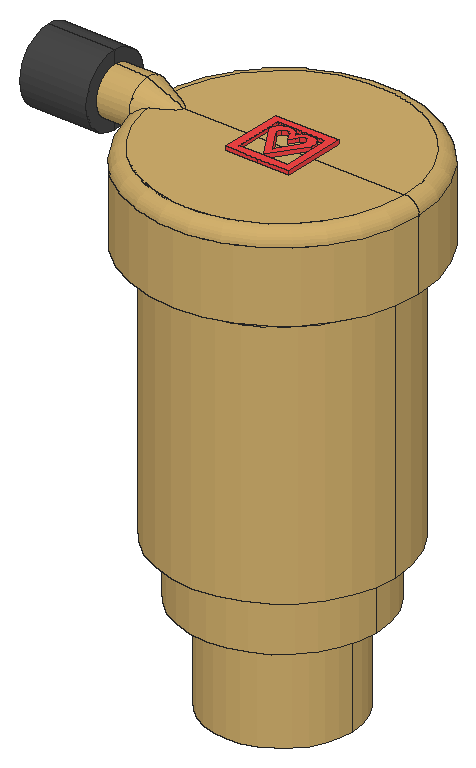
Revit family "Automatic air vents 2630 03", category Rohrzubehör, Revit 2021
Family settings
  Bemaßung runder Anschluss = Durchmesser verwenden
  Teiletyp = Normal
  OmniClass-Nummer = 23.65.55.14
  OmniClass-Titel = Valves for Liquid Services
  Arbeitsebenenbasiert = Nein
  Immer vertikal = Ja
  Beim Laden mit Abzugskörper schneiden = Nein
  Gemeinsam genutzt = Nein
Parameters
  Vorgabe-Ansicht = 0.000 mm
  URL = "www.herzvalves.com"
  Part number [instance] = if(Nennweite AG = 20.000 mm, 1263003, 0)  # 1263003
  Float ball = "polypropylene"  # constant formula
  SCRNSEQ = "AWI;AWI_TYP=\"1013\";1"
  SCRNCODE = "05;14;01"  # constant formula
  S04 = 11.000 mm  # constant formula
  S03 = 24.500 mm  # constant formula
  S02 = 12.500 mm  # constant formula
  S01 = 59.000 mm  # constant formula
  R01 = 2.000 mm  # constant formula
  Nennweite AG [instance] = 20.000 mm  # constant formula
  min. Operating temperature = 0 °C  # constant formula
  Medium = "heating water quality according to ÖNORM H5195 or VDI-Standard 2035.\r\nthe use of ethylene or propylene glycol in a mixing ratio 25-50% is allowed.\r\nplease refer to manufacturers documentation when using ethylene glycol products for frost and corrosion protection.\r\nthe HERZ air vent is not suitable for usage of aggressive medium (such as: acids, alkalis, combustible and explosive gases..) because it can damage the sealing components."
  max. Structual pressure = 1200000.0 Pa  # constant formula
  max. Operating temperature = 110 °C  # constant formula
  max. Operating pressure = 800000.0 Pa  # constant formula
  L04 = L00 - L01  # 24.000 mm
  L03 = 13.500 mm  # constant formula
  L02 = 4.800 mm  # constant formula
  L01 = 9.500 mm  # constant formula
  L00 = 33.500 mm  # constant formula
  Hersteller = "Herz-Armaturen GmbH"  # constant formula
  H08 = 8.000 mm  # constant formula
  H07 = 22.000 mm  # constant formula
  H06 = 14.000 mm  # constant formula
  H05 = 59.000 mm - 1.000 mm  # 58.000 mm
  H04 = H03 - D03  # 57.900 mm
  H03 = 63.000 mm  # constant formula
  H02 = 9.500 mm  # constant formula
  H01 = 12.000 mm  # constant formula
  H00 = 71.500 mm  # constant formula
  Housing = "forged brass acc. to EN 12165, CW617N "  # constant formula
  G2 [instance] = Nennweite AG / 2  # 10.000 mm
  G1 = 5.000 mm  # constant formula
  Sealing = "NBR"  # constant formula
  Lid = "forged brass acc. to EN 12165, CW617N "  # constant formula
  D06 = 13.500 mm  # constant formula
  D05 = 0.800 mm  # constant formula
  D04 = 3.400 mm  # constant formula
  D03 = 5.100 mm  # constant formula
  D02 = 19.500 mm  # constant formula
  D01 = 16.200 mm  # constant formula
  External threaded connectors = "acc. to ISO 228"  # constant formula
  Field of application = "HERZ - Air vent is used for venting of the central heating installations.\r\nthe air vent should be placed nearby the boiler or at the highest points of installation.\r\ninstallations must be carried out in such a way that the retention of air bubbles in a certain part of installation is not possible.\r\nbefore usage, unscrew the polypropylene cover cap on the lid for 2 to 3 turns.\r\nin case of uncontrolled medium leakage, tighten the cover cap.\r\nthe air vent must be cleaned or replaced.\r\nwe always recommend to use backflow preventer for easy service and replacement of the air vent."
  Adapter housing = "machined brass acc. to EN 12165, CW617N "  # constant formula
  Cover cap = "polypropylene, black colour"  # constant formula
Reference planes
  plane 1 "Mitte (Vorne/hinten)": y = 0
  plane 2: z = 0
  plane 3 "Mitte (Links/rechts)": x = 0
Forms (mm)
  Revolve 1, solid, material "Messing", detail levels fine
    sketch origin (0, 0, 0) x (1, 0, 0) y (0, 0, 1)
      loop
        line (0, -12.5) -> (0, 59) -> (-17.5, 59)
        arc (-17.5, 59) -> (-18.914, 58.414) -> (-19.5, 57) r 2
        line (-19.5, 57) -> (-19.5, 47) -> (-18.2, 47)
        arc (-18.2, 47) -> (-16.786, 46.414) -> (-16.2, 45) r 2
        line (-16.2, 45) -> (-16.2, 9.5) -> (-13.5, 9.5) -> (-13.5, 1.5) -> (-10, 1.5) -> (-10, -12.5) -> (0, -12.5)
      axis (0, 59) -> (0, -12.5)
    angle from 0 to 360
  Revolve 2, solid, material "Kunststoff - schwarz", detail levels fine
    sketch origin (0, 0, 0) x (1, 0, 0) y (0, 0, 1)
      loop
        line (-33.5, 57.9) -> (-24, 57.9) -> (-24, 63) -> (-33.5, 63) -> (-33.5, 57.9)
      axis (-33.5, 57.9) -> (-24, 57.9)
    angle from 0 to 360
  Revolve 3, solid, material "Messing", detail levels fine
    sketch origin (0, 0, 0) x (1, 0, 0) y (0, 0, 1)
      loop
        line (-24, 57.9) -> (0, 57.9) -> (0, 58.7) -> (-13.5, 58.7) -> (-19.2, 61.3) -> (-24, 61.3) -> (-24, 57.9)
      axis (-24, 57.9) -> (0, 57.9)
    angle from 0 to 360
Lines and regions (mm)
  model lines
    curve 1: line (0, 19.55, 0) -> (0, 0, 0)
  model lines, detail levels coarse+medium
    curve 2: line (0, 59, 0) -> (-11.455, 47.545, 0)
    curve 3: line (0, 59, 0) -> (11.455, 47.545, 0)
    curve 4: circle (0, 34.5, 0) r 11 normal (0, 0, 1)
    curve 5: line (0, 10, 0) -> (-11.455, 21.455, 0)
    curve 6: line (0, 10, 0) -> (11.455, 21.455, 0)
    curve 7: line (0, 59, 0) -> (0, 45.5, 0)
    curve 8: line (0, 23.5, 0) -> (0, -12.5, 0)
    curve 9: line (0, 0, 59) -> (-11.455, 0, 47.545)
    curve 10: line (0, 0, 59) -> (11.455, 0, 47.545)
    curve 11: circle (0, 0, 34.5) r 11 normal (0, -1, 0)
    curve 12: line (0, 0, 10) -> (-11.455, 0, 21.455)
    curve 13: line (0, 0, 10) -> (11.455, 0, 21.455)
    curve 14: line (0, 0, 59) -> (0, 0, 45.5)
    curve 15: line (0, 0, 23.5) -> (0, 0, -12.5)
    curve 16: line (0, 0, 59) -> (0, -11.455, 47.545)
    curve 17: line (0, 0, 59) -> (0, 11.455, 47.545)
    curve 18: circle (0, 0, 34.5) r 11 normal (1, 0, 0)
    curve 19: line (0, 0, 10) -> (0, -11.455, 21.455)
    curve 20: line (0, 0, 10) -> (0, 11.455, 21.455)
Dimensions and locks
  "D01": Revolve 1 sketch curve to Revolve 1 sketch curve
  "D02": Revolve 1 sketch curve to Revolve 1 sketch curve
  "H01": Revolve 1 sketch curve to Revolve 1 sketch curve
  "D03": Revolve 2 sketch curve to Revolve 2 sketch curve
  "L01": Revolve 2 sketch curve to Revolve 2 sketch curve
  "L00": Revolve 2 sketch curve to plane 3 "Mitte (Links/rechts)"
  "D04": Revolve 3 sketch curve to Revolve 3 sketch curve
  "L02": Revolve 3 sketch curve to Revolve 3 sketch curve
  "L03": Revolve 3 sketch curve to plane 3 "Mitte (Links/rechts)"
  "L04": Revolve 3 sketch curve to plane 3 "Mitte (Links/rechts)"
  "D05": Revolve 3 sketch curve to Revolve 3 sketch curve
  "H03": Revolve 2 sketch curve to plane 2
  "H04": Revolve 3 sketch curve to plane 2
  "H06": Revolve 1 sketch curve to Revolve 1 sketch curve
  "G2": Revolve 1 sketch curve to Revolve 1 sketch curve
  "H08": Revolve 1 sketch curve to Revolve 1 sketch curve
  "H00": Revolve 1 sketch curve to Revolve 1 sketch curve
  "S01": plane 1 "Mitte (Vorne/hinten)" to curve 7
  "S02": curve 8 to plane 1 "Mitte (Vorne/hinten)"
  "S03": curve 7 to curve 4 to curve 6
  "D01": curve 2 to curve 2
  "D01": curve 3 to curve 3
  "D01": curve 5 to curve 5
  "D01": curve 6 to curve 6
  "S01": curve 14 to plane 2
  "S02": plane 2 to curve 15
  "S03": curve 14 to curve 11 to curve 13
  "D01": curve 9 to curve 9
  "D01": curve 10 to curve 10
  "D01": curve 12 to curve 12
  "D01": curve 13 to curve 13
  "S01": curve 17 to plane 2
  "S03": curve 17 to curve 18 to curve 20
  "D01": curve 16 to curve 16
  "D01": curve 17 to curve 17
  "D01": curve 19 to curve 19
  "D01": curve 20 to curve 20
  "R01": radius of Revolve 1 sketch curve  (x2)
  "S04": radius of curve 4
  "S04": radius of curve 11
  "S04": radius of curve 18
  angle curve 2 to curve 7 = 45.00°
  angle curve 7 to curve 3 = 45.00°
  angle curve 8 to curve 5 = 45.00°
  angle curve 6 to curve 8 = 45.00°
  angle curve 9 to curve 14 = 45.00°
  angle curve 14 to curve 10 = 45.00°
  angle curve 15 to curve 12 = 45.00°
  angle curve 13 to curve 15 = 45.00°
  angle curve 16 to plane 1 "Mitte (Vorne/hinten)" = 45.00°
  angle plane 1 "Mitte (Vorne/hinten)" to curve 17 = 45.00°
  angle plane 1 "Mitte (Vorne/hinten)" to curve 19 = 45.00°
  angle curve 20 to plane 1 "Mitte (Vorne/hinten)" = 45.00°
  aligned and locked: level to plane 2
Automatic sketch dimensions
  curve 20 to plane 1 "Mitte (Vorne/hinten)" = 0.000 mm
  curve 18 to plane 1 "Mitte (Vorne/hinten)" = 0.000 mm
  curve 17 to plane 1 "Mitte (Vorne/hinten)" = 0.000 mm
  curve 10 to plane 3 "Mitte (Links/rechts)" = 0.000 mm
  curve 15 to plane 3 "Mitte (Links/rechts)" = 0.000 mm
  curve 11 to plane 3 "Mitte (Links/rechts)" = 0.000 mm
  curve 12 to plane 3 "Mitte (Links/rechts)" = 0.000 mm
  curve 2 to plane 3 "Mitte (Links/rechts)" = 0.000 mm
  plane 1 "Mitte (Vorne/hinten)" to curve 1 = 0.000 mm
  curve 1 to plane 3 "Mitte (Links/rechts)" = 0.000 mm
  curve 8 to plane 3 "Mitte (Links/rechts)" = 0.000 mm
  curve 4 to plane 3 "Mitte (Links/rechts)" = 0.000 mm
  curve 5 to plane 3 "Mitte (Links/rechts)" = 0.000 mm
  curve 1 to curve 8 = 3.950 mm
  Revolve 1 sketch curve to plane 3 "Mitte (Links/rechts)" = 0.000 mm  (x2)
  level to Revolve 1 sketch curve = 1.500 mm
  Revolve 1 sketch curve to Revolve 1 sketch curve = 3.500 mm
  Revolve 1 sketch curve to Revolve 1 sketch curve = 1987.500 mm
  Revolve 1 sketch curve to Revolve 1 sketch curve = 1937.000 mm
  Revolve 2 sketch curve to Revolve 2 sketch curve = 0.000 mm  (x3)
  Revolve 3 sketch curve to plane 3 "Mitte (Links/rechts)" = 0.000 mm
  Revolve 3 sketch curve to Revolve 3 sketch curve = 0.212 mm
  Revolve 3 sketch curve to plane 3 "Mitte (Links/rechts)" = 0.539 mm
  Revolve 3 sketch curve to Revolve 3 sketch curve = 0.000 mm
Nested families
  nested 1: "Herz-Logo" at (0, 0, 58), type "Herz-Logo", detail levels fine
Connectors
  piping at (0, 0, -12.5), diameter 20, driven by "Nennweite AG"
    settings: on Revolve 1, index 1, connector inside diameter 609.6 mm, connector length 0.000 mm, flow factor 0, pipe flow 0.0 L/s, pressure drop 0.0 Pa, fitting loss kfactor 0, connector angle 0.00°, fixture units 0, engagement length 0.000 mm, angle of deflection 0.00°, flow configuration 0, flow direction 1, fitting loss method 0, system type 29, joint type 0, gender type 0, connector reference index -1, connector utility 0, adjustable connector no, is connector primary yes, connector description ""
Definition of nested family "Herz-Logo"
  Parameters (values of type "Herz-Logo")
    Default Elevation = 0.000 mm
  Reference planes
    plane 1 "Mitte (Vorne/hinten)": y = 0
    plane 2: z = 0
    plane 3 "Mitte (Links/rechts)": x = 0
  Forms (mm)
    Extrusion 1, solid
      sketch origin (0, 0, 0) x (1, 0, 0) y (0, 1, 0)
        loop
          line (-0.018, -4.517) -> (4.482, -4.517) -> (4.482, 4.483) -> (-4.518, 4.483) -> (-4.518, -4.517) -> (-0.018, -4.517)
        loop
          line (-0.05, -3.48) -> (3.482, -3.48) -> (3.482, 3.483) -> (-3.518, 3.483) -> (-3.518, -3.48) -> (-0.05, -3.48)
        loop
          arc (-0.018, 2.383) -> (-1.543, 3.287) -> (-3.067, 2.383) r 1.738
          arc (-3.067, 2.383) -> (-3.191, 1.899) -> (-3.067, 1.415) r 1.009
          line (-3.067, 1.415) -> (-0.018, -3.281) -> (3.032, 1.415)
          arc (3.032, 1.415) -> (3.156, 1.899) -> (3.032, 2.383) r 1.009
          arc (3.032, 2.383) -> (1.507, 3.287) -> (-0.018, 2.383) r 1.738
        loop
          arc (1.885, 1.272) -> (2.005, 1.675) -> (1.885, 2.079) r 0.74
          arc (1.885, 2.079) -> (1.265, 2.416) -> (0.644, 2.079) r 0.74
          line (0.644, 2.079) -> (-0.018, 0.97) -> (-0.679, 2.079)
          arc (-0.679, 2.079) -> (-1.3, 2.416) -> (-1.921, 2.079) r 0.74
          arc (-1.921, 2.079) -> (-2.04, 1.675) -> (-1.921, 1.272) r 0.74
          line (-1.921, 1.272) -> (-0.018, -1.658) -> (1.885, 1.272)
      from 0 to 1.5
  Dimensions and locks
    aligned and locked: level to plane 2
